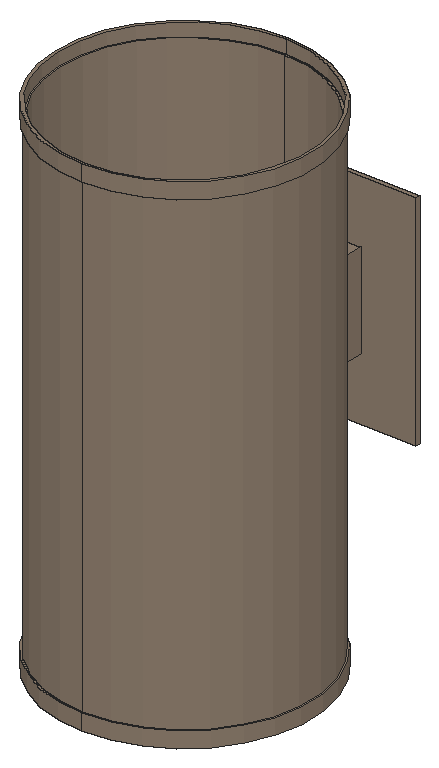
Revit family "CYBU816 - INC", category Lighting Fixtures, host Wall, Revit 2024
Family settings
  Host = Wall
  Round Connector Dimension = Use Diameter
  Part Type = Normal
  OmniClass Number = 23.80.70.00
  OmniClass Title = Lighting
  Always vertical = Yes
  Cut with Voids When Loaded = No
  Light Source = No
  Maintain Annotation Orientation = No
  Shared = No
  Room Calculation Point = No
Parameters
  Default Elevation = 0' - 0"
Reference planes (in)
  plane 1: y = 0
  plane 2 "Light Source Axis (F/B)": y = 8
  plane 3 "Light Source Axis (L/R)": x = -1.43133
  plane 4 "Light Source Elevation": z = 77.42225
Forms (in)
  Extrusion 1, solid, material "86"
    sketch origin (-1.43133, 0, 0) x (0, -1, 0) y (0, 0, 1)
      loop
        line (3, 80.92225) -> (3, 73.92225) -> (3.125, 73.92225) -> (3.125, 80.92225) -> (3, 80.92225)
    from -2.5 to 2.5
  Extrusion 2, solid, material "86"
    sketch origin (-1.43133, 1.875, 0) x (0, -1, 0) y (0, 0, 1)
      loop
        line (5, 78.92225) -> (5, 75.92225) -> (7.09879, 75.92225) -> (7.09879, 78.92225) -> (5, 78.92225)
    from -0.75 to 0.75
  Revolve 3, solid, material "86"
    sketch origin (-1.43133, 1.875, 0) x (0, -1, 0) y (0, 0, 1)
      loop
        line (6.9375, 84.92225) -> (7, 84.92225) -> (7, 69.92225) -> (6.9375, 69.92225) -> (6.9375, 69.42225) -> (7.03125, 69.42225) -> (7.03125, 69.8285) -> (7.09375, 69.8285) -> (7.09375, 85.016) -> (7.03125, 85.016) -> (7.03125, 85.42225) -> (6.9375, 85.42225) -> (6.9375, 84.92225)
      axis (11, 85.42225) -> (11, 69.42225)
    angle from 0 to 360
Text (in)
  text "Placement Side" at (0, 40.15149, 123.01588), in view "Right"
  text "Placement Side" at (-70.3804, 28.46503, 0), in view "Ref. Level"
  text "Placement Side" at (0, 85.69064, 140.59947), in view "Left"
Dimensions and locks (in)
  aligned: level to host wall
